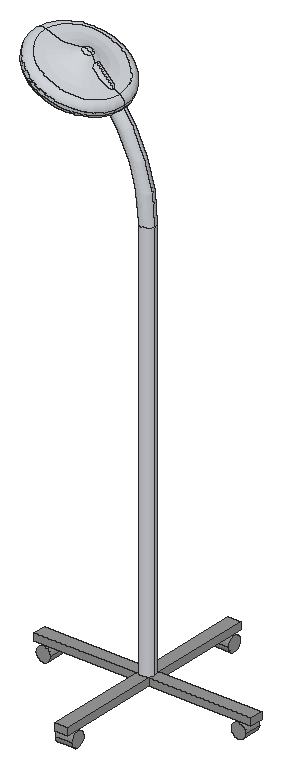
Revit family "AVLN_Светилиьник бестеневой передвижной", category Мебель, Revit 2019
Family settings
  Номер OmniClass = 23.40.20.00
  Заголовок OmniClass = General Furniture and Specialties
  На основе рабочей плоскости = Нет
  Всегда вертикально = Да
  При загрузке вырезать с полостями = Нет
  Общий = Нет
  Точка расчета площади = Нет
Parameters (values of type "Светильник бестеневой передвижной")
  Описание = "Светильник бестеневой передвижной"
  О1 = 35 mm  # constant formula
  М.основы = Металл, окрашенный, белый, матовый
  Type Comments = ""
  Keynote = ""
  Manufacturer = ""
  Группа модели = "Оборудование поликлиники"
  ADSK_Размер_Ширина = 600 mm
  ADSK_Размер_Длина = ADSK_Размер_Ширина  # 600 mm
  ADSK_Размер_Высота = 1600 mm
  ADSK_Примечание [instance] = ""
  ADSK_Обозначение = ""
  ADSK_Наименование = "Светильник бестеневой передвижной"
  ADSK_Масса = 0
  ADSK_Марка = ""
  ADSK_Код изделия = ""
  ADSK_Единица измерения = "шт"  # constant formula
Reference planes
  plane 1 "По центру (Вперед/Назад)": y = 0
  plane 2: z = 0
  plane 3 "По центру (Влево/Вправо)": x = 0
  plane 4: z = 1600
  plane 5: y = 300
  plane 6: x = 300
  plane 7: x = -300
  plane 8: y = -300
  plane 9: y = -270
  plane 10: z = 60
Forms (mm)
  Extrusion 1, solid, material "Металл, окрашенный, белый, матовый" <- "М.основы"
    sketch origin (0, -518.993, 611.226) x (-1, 0, 0) y (0, -1, 0)
      loop
        line (17.5, -818.993) -> (17.5, -536.493) -> (300, -536.493) -> (300, -501.493) -> (17.5, -501.493) -> (17.5, -218.993) -> (-17.5, -218.993) -> (-17.5, -501.493) -> (-300, -501.493) -> (-300, -536.493) -> (-17.5, -536.493) -> (-17.5, -818.993) -> (17.5, -818.993)
    from -571.226 to -551.226
  Extrusion 2, solid, material "Металл, окрашенный, белый, матовый" <- "М.основы"
    sketch origin (101.015, 0, 0) x (1, 0, 0) y (0, 0, 1)
      loop
        circle (168.985, 19.522) r 20
    from -22.984 to 22.984
  Extrusion 3, solid, material "Металл, окрашенный, белый, матовый" <- "М.основы"
    sketch origin (-438.985, 0, 0) x (1, 0, 0) y (0, 0, 1)
      loop
        circle (168.985, 19.522) r 20
    from -22.984 to 22.984
  Extrusion 4, solid, material "Металл, окрашенный, белый, матовый" <- "М.основы"
    sketch origin (0, -101.015, 0) x (0, -1, 0) y (0, 0, 1)
      loop
        circle (168.985, 19.522) r 20
    from -22.984 to 22.984
  Extrusion 5, solid, material "Металл, окрашенный, белый, матовый" <- "М.основы"
    sketch origin (0, 438.985, 0) x (0, -1, 0) y (0, 0, 1)
      loop
        circle (168.985, 19.522) r 20
    from -22.984 to 22.984
  Sweep 6, solid
    path origin (0, 0, 0) x (1, 0, 0) y (0, 0, 1)
      loop
        line (0, 60) -> (0, 1171.258)
        arc (0, 1171.258) -> (-40.665, 1354.686) -> (-155.04, 1503.743) r 434.028
    profile origin (0, 0, 615.629) x (-1, 0, 0) y (0, -1, 0)
      loop
        circle (0, 0) r 20
  Revolve 7, solid
    sketch origin (-604.428, 0, 76.731) x (0.913545, 0, -0.406737) y (0.406737, 0, 0.913545)
      loop
        line (-195.007, 1435.958) -> (-195.007, 1518.124)
        arc (-195.007, 1518.124) -> (-202.138, 1517.371) -> (-208.702, 1514.482) r 23.265
        arc (-208.702, 1514.482) -> (-254.676, 1489.058) -> (-306.485, 1480.352) r 155.879
        arc (-306.485, 1480.352) -> (-320.414, 1475.466) -> (-328.168, 1462.906) r 22.119
        line (-328.168, 1462.906) -> (-328.168, 1453.404)
        arc (-328.168, 1453.404) -> (-320.4, 1440.861) -> (-306.485, 1435.958) r 22.197
        line (-306.485, 1435.958) -> (-195.007, 1435.958)
      axis (-195.007, 1518.124) -> (-195.007, 1435.958)
    angle from 0 to 360
Dimensions and locks
  plane 2 to plane 4 = 1600 mm
  equal spacing: plane 8, plane 1 "По центру (Вперед/Назад)", plane 5
  equal spacing: plane 7, plane 3 "По центру (Влево/Вправо)", plane 6
  "ADSK_Размер_Длина": plane 7 to plane 6
  "ADSK_Размер_Ширина": plane 5 to plane 8
  "ADSK_Размер_Высота": plane 2 to plane 4
  locked: plane 9 to plane 8 at 30
  equal spacing: Extrusion 1 sketch curve, plane 1 "По центру (Вперед/Назад)", Extrusion 1 sketch curve  (x2)
  equal spacing: Extrusion 1 sketch curve, plane 3 "По центру (Влево/Вправо)", Extrusion 1 sketch curve  (x2)
  "О1": Extrusion 1 sketch curve to Extrusion 1 sketch curve  (x4)
  locked: plane 2 to plane 10 at 60
  locked: Extrusion 1 to plane 10 at 20
  equal spacing: Extrusion 2, plane 1 "По центру (Вперед/Назад)", Extrusion 2
  locked: Extrusion 2 to plane 6 at 10
  equal spacing: Extrusion 3, plane 1 "По центру (Вперед/Назад)", Extrusion 3
  locked: plane 7 to Extrusion 3 at 10
  equal spacing: Extrusion 4, plane 3 "По центру (Влево/Вправо)", Extrusion 4
  equal spacing: Extrusion 5, plane 3 "По центру (Влево/Вправо)", Extrusion 5
  locked: plane 5 to Extrusion 5 at 10
  locked: Extrusion 4 to plane 8 at 10
  aligned and locked: level to plane 2
  aligned and locked: Extrusion 1 sketch curve to plane 5
  aligned and locked: plane 8 to Extrusion 1 sketch curve
  aligned and locked: plane 7 to Extrusion 1 sketch curve
  aligned and locked: Extrusion 1 sketch curve to plane 6
  aligned and locked: Extrusion 1 to plane 10
  aligned and locked: Sweep 6 sketch curve to plane 3 "По центру (Влево/Вправо)"
  aligned and locked: plane 10 to Sweep 6 sketch curve
Automatic sketch dimensions
  Extrusion 2 sketch curve to plane 6 = 30 mm
  level to Extrusion 2 sketch curve = 19.522 mm
  plane 7 to Extrusion 3 sketch curve = 30 mm
  level to Extrusion 3 sketch curve = 19.522 mm
  plane 9 to Extrusion 4 sketch curve = 0 mm
  level to Extrusion 4 sketch curve = 19.522 mm
  level to Extrusion 5 sketch curve = 19.522 mm
  Extrusion 5 sketch curve to plane 5 = 30 mm
  plane 1 "По центру (Вперед/Назад)" to Sweep 6 sketch curve = 0 mm
  Sweep 6 sketch curve to profile plane = 0 mm
  Sweep 6 sketch curve to plane 7 = 134.028 mm
  plane 4 to Sweep 6 sketch curve = 428.742 mm
  plane 4 to Sweep 6 sketch curve = 96.257 mm
  Revolve 7 sketch curve to plane 7 = 9.206 mm
  plane 4 to Revolve 7 sketch curve = 53.36 mm
  Revolve 7 sketch curve to Revolve 7 sketch curve = 21.62 mm
  Revolve 7 sketch curve to Revolve 7 sketch curve = 0.063 mm
  Revolve 7 sketch curve to Revolve 7 sketch curve = 22.123 mm
  Revolve 7 sketch curve to Revolve 7 sketch curve = 110.326 mm
  Revolve 7 sketch curve to Revolve 7 sketch curve = 1.153 mm
  Revolve 7 sketch curve to Revolve 7 sketch curve = 4.673 mm
  Revolve 7 sketch curve to Revolve 7 sketch curve = 0.078 mm
  Revolve 7 sketch curve to Revolve 7 sketch curve = 9.502 mm
  Revolve 7 sketch curve to Revolve 7 sketch curve = 58.929 mm
  Revolve 7 sketch curve to Revolve 7 sketch curve = 23.237 mm
  Revolve 7 sketch curve to Revolve 7 sketch curve = 155.878 mm
  Revolve 7 sketch curve to Revolve 7 sketch curve = 0 mm  (x4)
  radius of Extrusion 2 sketch curve = 20 mm
  radius of Extrusion 3 sketch curve = 20 mm
  radius of Extrusion 4 sketch curve = 20 mm
  radius of Extrusion 5 sketch curve = 20 mm
  radius of Sweep 6 sketch curve = 20 mm
